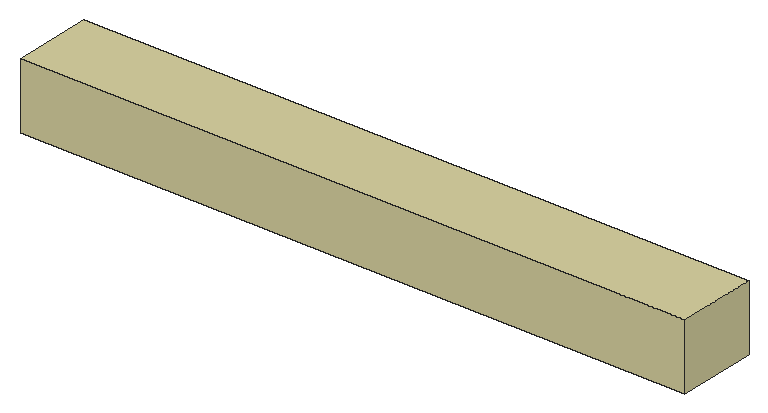
Revit family "СИБИТ_Узел_Перемычка_Высота 250 мм_D600 B3,5", category Обобщенные модели, Revit 2017
Family settings
  Основа = Стена
  Может служить основой для арматурных стержней = Нет
  Размер круглого соединителя = Использовать диаметр
  Тип детали = Нормальный
  Номер OmniClass = 23.25.30.11.14.14
  Заголовок OmniClass = Beams
  Всегда вертикально = Да
  При загрузке вырезать с полостями = Да
  Общий = Да
  Точка расчета площади = Нет
Parameters
  Ширина_Перемычка [instance] = if(Ширина перемычки = Тип_1, 200 mm, if(Ширина перемычки = Тип_2, 300 mm, 0 mm))  # 300 mm
  Типоразмер_перемычки_1 [instance] = size_lookup(SLT_1, "", "ERROR", Длина_Перемычка, Ширина_Перемычка, Высота_Перемычка)  # "ПР25;3;25-1.4Я-ВЗ.5"
  Тип_2 = Ширина : 300 мм
  Тип_1 = Ширина : 200 мм
  Сертификат соответствия = "https://sibyt.ru/docs/lwut3ce_R8_hMIJXyOkKvIdYr3UTfy0A.pdf"
  Расчётная нагрузка, кгс/пог.м [instance] = size_lookup(SLT_1, "LOAD", 0, Длина_Перемычка, Ширина_Перемычка, Высота_Перемычка)  # 1400
  Отступ от плоскости размещения [instance] = 0 mm
  Разработчик модели = "Bimon - сервисный провайдер услуг информационного моделирования"  # constant formula
  Объём, м³ [instance] = size_lookup(SLT_1, "VOLUME", 0, Длина_Перемычка, Ширина_Перемычка, Высота_Перемычка)  # 0.19
  Мин. глубина опирания, мм, ненесущая/несущая [instance] = if(Длина_Перемычка = 2500 mm, "100/200", "100/150")  # "100/200"
  Материал несущих конструкций = СИБИТ_Перемычки_Газобетон D600 B3,5
  Масса изделия при влажности 25%, кг [instance] = size_lookup(SLT_1, "MASS", 0, Длина_Перемычка, Ширина_Перемычка, Высота_Перемычка)  # 152
  Контактный телефон = "+7 (383) 363-90-90"
  Контактный Email = "zavod-sibit@ao-gns.ru"
  Код КСР (ФГИС ЦС) = ""
  Длина_Перемычка [instance] = if(Длина перемычки = Д_тип_1, 1200 mm, if(Длина перемычки = Д_тип_2, 1500 mm, if(Длина перемычки = Д_тип_3, 2000 mm, 2500 mm)))  # 2500 mm
  Длина перемычки [instance] = Длина : 2500 мм
  Д_тип_4 = Длина : 2500 мм
  Д_тип_3 = Длина : 2000 мм
  Д_тип_2 = Длина : 1500 мм
  Д_тип_1 = Длина : 1200 мм
  Высота_Перемычка [instance] = 250 mm  # constant formula
  Ширина перемычки [instance] = Ширина : 300 мм
  В пачке, шт. [instance] = size_lookup(SLT_1, "AMOUNT", 0, Длина_Перемычка, Ширина_Перемычка, Высота_Перемычка)  # 9
  Uniclass 2015 Title = "Beams"  # constant formula
  Uniclass 2015 Code = "EF_20_20"  # constant formula
  UNSPSC Title = "Beams"  # constant formula
  UNSPSC Code = "30101700"  # constant formula
  SLT_1 = "2_LUT"  # constant formula
  Description = ""
  Ключевая пометка = "04200.B2"
  Omniclass Title = "Beams"  # constant formula
  Omniclass Code = "23.25.30.11.14.14"  # constant formula
  Masterformat Title = ""
  Masterformat Code = ""
  IFC Classification = "Beam"  # constant formula
  Изготовитель = "СИБИТ"  # constant formula
  Model = ""
  URL = "www.sibyt.ru"
  COBie Category = ""
  Bimon = "www.bimon.ru"
Reference planes
  plane 1 "Стена": y = 0
  plane 2 "По центру (Влево/Вправо)": x = 125
  plane 3 "Назад": y = 150
  plane 4: x = -1125
  plane 5: x = 1375
  plane 6 "1": z = 250
  plane 7: y = 150
  plane 8: y = -150
  plane 9 "УГО": y = 0
Forms (mm)
  Extrusion 1, void
    sketch origin (125, 0, 0) x (0, 1, 0) y (0, 0, 1)
      loop
        line (150, 250) -> (-150, 250) -> (-150, 0) -> (150, 0) -> (150, 250)
    from -1250 to 1250
Lines and regions (mm)
  model lines, detail levels coarse
    curve 1: line (-1125, 0, 0) -> (1375, 0, 0)
  symbolic lines, detail levels coarse
    curve 2: line (-1125, 0, 0) -> (1375, 0, 0)
Text (mm)
  text "Placement Side" at (-1848.837, 1116.779, 0), in view "Опорный уровень"
  text "Placement side" at (0, 1409.804, 2854.306), in view "Слева"
  text "Placement side" at (0, 499.811, 2980.732), in view "Справа"
Dimensions and locks
  locked: plane 3 "Назад" to host wall
  equal spacing: plane 4, plane 2 "По центру (Влево/Вправо)", plane 5
  "Длина_Перемычка": plane 4 to plane 5
  "Высота_Перемычка": level to plane 6 "1"
  "Отступ от плоскости размещения": plane 3 "Назад" to plane 7
  "Ширина_Перемычка": plane 7 to plane 8
  equal spacing: plane 8, plane 9 "УГО", plane 7
  aligned and locked: plane 1 "Стена" to host wall
  aligned and locked: plane 5 to nested 1
  aligned and locked: nested 1 to nested 1
  aligned and locked: nested 1 to plane 7
  aligned and locked: Extrusion 1 to plane 7
  aligned and locked: plane 8 to Extrusion 1
  aligned and locked: Extrusion 1 to level
  aligned and locked: nested 1 to plane 4
  aligned and locked: plane 5 to Extrusion 1
  aligned and locked: Extrusion 1 to plane 4
  aligned and locked: plane 9 "УГО" to curve 1
  aligned and locked: plane 9 "УГО" to curve 2
  aligned and locked: plane 4 to curve 2
  aligned and locked: plane 5 to curve 2
  aligned and locked: Extrusion 1 sketch curve to plane 6 "1"
Automatic sketch dimensions
  curve 1 to plane 4 = 0 mm
  curve 1 to plane 5 = 0 mm
  Extrusion 1 sketch curve to plane 8 = 0 mm
  Extrusion 1 sketch curve to level = 0 mm
  Extrusion 1 sketch curve to plane 7 = 0 mm
Nested families
  nested 1: "СИБИТ_Перемычка" at (125, 0, 0), Высота <- "Высота_Перемычка", Длина <- "Длина_Перемычка", Ширина <- "Ширина_Перемычка", Тип, марка, обозначение <- "Типоразмер_перемычки_1", Масса изделия при влажности 25%, кг <- "Масса изделия при влажности 25%, кг", Объём, м³ <- "Объём, м³", В пачке, шт. <- "В пачке, шт.", Расчётная нагрузка, кгс/м <- "Расчётная нагрузка, кгс/пог.м", Structural Material <- "Материал несущих конструкций", type "СИБИТ_Перемычка D600 B3,5", detail levels medium+fine
    with Ширина 300 mm, Тип, марка, обозначение "ПР25;3;25-1.4Я-ВЗ.5", Расчётная нагрузка, кгс/м 1400, Объём, м³ 0.19, Мин. глубина опирания, мм, ненесущая/несущая "100/200", built-in parameter 1005500 СИБИТ_Перемычки_Газобетон D600 B3,5, Масса изделия при влажности 25%, кг 152, Длина 2500 mm, Высота 250 mm, В пачке, шт. 9
Definition of nested family "СИБИТ_Перемычка"
  Parameters (values of type "СИБИТ_Перемычка D600 B2,5")
    Ширина [instance] = 150 mm
    Тип, марка, обозначение [instance] = ""
    Расчётная нагрузка, кгс/м [instance] = 0
    Description = "СТО 39136230-01-2008"
    Fire Rating = ""
    Объём, м³ [instance] = 0
    Мин. глубина опирания, мм, ненесущая/несущая [instance] = if(Длина = 2500 mm, "100/200", if(Длина = 2000 mm, "100/150", if(Длина = 1500 mm, "100/100", "100/150")))  # "100/150"
    Structural Material [instance] = none
    Масса изделия при влажности 25%, кг [instance] = 0
    Keynote = "04200.B2"
    Manufacturer = "СИБИТ"
    Длина [instance] = 3000 mm
    Model = ""
    Высота [instance] = 300 mm
    В пачке, шт. [instance] = 0
    Uniclass 2015 Title = "Beams"  # constant formula
    Uniclass 2015 Code = "EF_20_20"  # constant formula
    URL = "www.sibyt.ru"
    UNSPSC Title = "Beams"  # constant formula
    UNSPSC Code = "30101700"  # constant formula
    OmniClass Title = "Beams"  # constant formula
    OmniClass Code = "23.25.30.11.14.14"  # constant formula
    Masterformat Title = ""
    Masterformat Code = ""
    IFC Classification = "Beam"  # constant formula
    COBie Category = ""
  Reference planes
    plane 1 "По центру (Вперед/Назад)": y = 0
    plane 2: z = 0
    plane 3 "По центру (Влево/Вправо)": x = 0
    plane 4: y = 75
    plane 5: y = -75
    plane 6: x = -1500
    plane 7: x = 1500
    plane 8: z = 300
  Forms (mm)
    Extrusion 1, solid, material <- "Structural Material"
      sketch origin (0, 0, 0) x (1, 0, 0) y (0, 1, 0)
        loop
          line (-1500, 75) -> (-1500, -75) -> (1500, -75) -> (1500, 75) -> (-1500, 75)
      from 0 to 300
  Dimensions and locks
    equal spacing: plane 4, plane 1 "По центру (Вперед/Назад)", plane 5
    "Ширина": plane 5 to plane 4
    equal spacing: plane 6, plane 3 "По центру (Влево/Вправо)", plane 7
    "Длина": plane 6 to plane 7
    "Высота": plane 8 to plane 2
    aligned and locked: level to plane 2
    aligned and locked: Extrusion 1 to plane 4
    aligned and locked: Extrusion 1 to plane 5
    aligned and locked: Extrusion 1 to plane 6
    aligned and locked: Extrusion 1 to plane 7
    aligned and locked: Extrusion 1 to plane 8
  Automatic sketch dimensions
    Extrusion 1 sketch curve to plane 5 = 0 mm
    Extrusion 1 sketch curve to plane 3 "По центру (Влево/Вправо)" = 1500 mm
    plane 3 "По центру (Влево/Вправо)" to Extrusion 1 sketch curve = 1500 mm
    Extrusion 1 sketch curve to plane 4 = 0 mm
